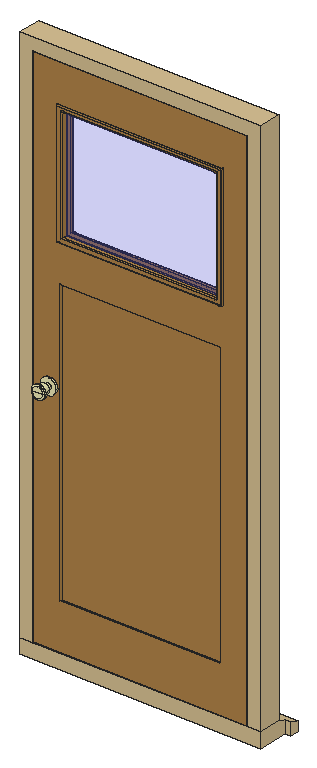
Revit family "DAL_A3-ExtSgl-(21)", category Doors, host Wall, Revit 2016
Family settings
  Host = Wall
  Always vertical = Yes
  Cut with Voids When Loaded = No
  Shared = No
  Room Calculation Point = No
Parameters (values of type "910 x 2110mm")
  Wrap Layers (Ext) from Ext = 102.5 mm
  Wrap Layers (Int) from Ext = 177.5 mm
  Vis - Ironmongery = yes
  Vis - Glazing Leadwork = yes
  Vis - Cavity Closers = yes
  Thickness = Door Panel Thickness  # 44.0 mm
  Stile Top of Lock rail = 1400.0 mm
  Stile Top Rail = 150.0 mm
  Stile Shutting = 100.0 mm
  Stile Lock Rail = 150.0 mm
  Stile Hanging = 100.0 mm
  Stile Bottom Rail = 175.0 mm
  Rough Width = Width  # 910.0 mm
  Rough Height = Height  # 2110.0 mm
  Operation = "SingleSwingRight"
  O/A Frame Width = 64.0 mm
  Material Glass = Door - Glazing
  Keynote = "L20"
  Handle Z Distance = 950.0 mm
  Glazing Thickness = 24.0 mm
  Function = Interior
  FrameWidth = 42.0 mm
  FrameOffset - External = 25.0 mm
  FrameDepth = 89.0 mm
  Door Panel Width = Width - (2 * Structural Tolerance) - (2 * Tolerance) - (2 * FrameWidth)  # 807.0 mm
  Door Panel Thickness = 44.0 mm
  Door Panel Height = Height - Structural Tolerance - Tolerance - FrameWidth - Undercut - Cill Thickness  # 2000.0 mm
  Cill Thickness = 54.5 mm
  Cill Projection = 30.0 mm
  Handle X Distance = 60.0 mm
  Height = 2110.0 mm
  Material Door = Door - Panel
  Material Frame = Door -  Frame/Mullion
  Material Ironmongery = Door - Handle
  Structural Tolerance = 6.5 mm
  Tolerance = 3.0 mm
  Undercut = 4.0 mm
  Wall Closure = By host
  Width = 910.0 mm
  Cill Extension = 25.0 mm
  Cavity Closer Width = 50.0 mm
  Cavity Closer Offset from Ext = 102.5 mm
  Cavity Closer Depth = 85.0 mm
Types (3, lengths in mm): name | Rough Width | Door Panel Width | Width
  910 x 2110mm | 910.0 | 807.0 | 910.0
  810 x 2110mm | 810.0 | 707.0 | 810.0
  1010 x 2110mm | 1010.0 | 907.0 | 1010.0
Reference planes
  plane 1: y = 0
  plane 2 "Center L/R": x = 0
  plane 3 "Left": x = -455
  plane 4 "Right": x = 455
  plane 5 "Head Opening": z = 2110
  plane 6 "Exterior": y = 150
  plane 7 "Interior": y = -150
  plane 8 "ST left": x = -448.5
  plane 9 "ST right": x = 448.5
  plane 10 "Int frame left": x = -406.5
  plane 11 "Int frame right": x = 406.5
  plane 12 "Left T": x = -403.5
  plane 13 "RHS Leaf Edge": x = 403.5
  plane 14: z = 2103.5
  plane 15: z = 2061.5
  plane 16: z = 2058.5
  plane 17: y = 83
  plane 18 "Ironmongery Axis X": x = -343.5
  plane 19 "Ironmongery Axis Z": z = 950
  plane 20 "LHS Leaf Edge": x = -403.5
  plane 21: z = 0
  plane 22: y = 80
  plane 23: y = 125
  plane 24: y = 36
  plane 25 "LHS Cill Extension": x = -480
  plane 26 "RHS Cill Extension": x = 480
  plane 27: y = 180
  plane 28: z = 58.5
  plane 29: z = 54.5
  plane 30 "Front Cavity Closer": y = 47.5
  plane 31: z = 233.5
  plane 32: x = -303.5
  plane 33: z = 1908.5
  plane 34: x = 303.5
  plane 35: z = 1458.5
  plane 36: z = 1308.5
  plane 37: z = 1683.5
  plane 38: y = 47.5
  plane 39: y = -27.5
Forms (mm)
  Sweep 1, solid, material "Door -  Frame/Mullion" <- "Material Frame"
    path origin (0, 125, 0) x (1, 0, 0) y (0, 0, 1)
      loop
        line (448.5, 54.5) -> (448.5, 2103.5) -> (-448.5, 2103.5) -> (-448.5, 54.5)
    profile origin (0, 0, 1079) x (-1, 0, 0) y (0, -1, 0)
      loop
        line (-455, -125) -> (-384.5, -125) -> (-384.5, -83) -> (-406.5, -83) -> (-406.5, -36) -> (-455, -36) -> (-455, -125)
  Extrusion 2, solid, material "Door - Panel" <- "Material Door"
    sketch origin (0, 36, 0) x (1, 0, 0) y (0, 0, 1)
      loop
        line (-404.425, 58.5) -> (403.5, 58.5) -> (403.5, 2058.5) -> (-404.425, 2058.5) -> (-404.425, 58.5)
      loop
        line (303.5, 1458.5) -> (303.5, 1908.5) -> (-303.5, 1908.5) -> (-303.5, 1458.5) -> (303.5, 1458.5)
    from 0 to -44
  Extrusion 3, solid, material "Door -  Frame/Mullion" <- "Material Frame"
    sketch origin (0, 0, 0) x (0, 1, 0) y (0, 0, 1)
      loop
        line (36, 54.5) -> (36, 0) -> (180, 0) -> (180, 38.595) -> (125, 54.5) -> (36, 54.5)
    from -480 to 480
  Extrusion 4, void
    sketch origin (0, 0, 0) x (0, 1, 0) y (1, 0, 0)
      loop
        line (150, -490) -> (150, -455) -> (36, -455) -> (36, -490) -> (150, -490)
    from 0 to -54.5
  Extrusion 5, void
    sketch origin (0, 0, 0) x (0, 1, 0) y (1, 0, 0)
      loop
        line (150, 455) -> (150, 490) -> (36, 490) -> (36, 455) -> (150, 455)
    from 0 to -54.5
  Extrusion 6, solid, material "Door - Glazing" <- "Material Glass"
    sketch origin (403.5, 80, 58.5) x (0, 0, -1) y (-1, 0, 0)
      loop
        line (-1400, 100) -> (-1400, 707) -> (-1850, 707) -> (-1850, 100) -> (-1400, 100)
    from -10 to -34
  Sweep 7, solid, material "Door - Panel" <- "Material Door", detail levels medium+fine
    path origin (403.5, 80, 58.5) x (0, 0, -1) y (-1, 0, 0)
      loop
        line (-1400, 100) -> (-1400, 707) -> (-1850, 707) -> (-1850, 100) -> (-1400, 100)
    profile "UK_Glazing Bead : UK_Glazing Bead" origin (-303.5, 80, 1683.5) x (1, 0, 0) y (0, 1, 0)
      loop
        line (0, 0) -> (0, -10) -> (12, -10) -> (12, 1)
        arc (12, 1) -> (10.536, 4.536) -> (7, 6) r 5
        line (7, 6) -> (-6, 6)
        arc (-6, 6) -> (-7.414, 5.414) -> (-8, 4) r 2
        line (-8, 4) -> (-8, 0) -> (0, 0)
  Sweep 8, solid, material "Door - Panel" <- "Material Door", detail levels medium+fine
    path origin (403.5, 36, 58.5) x (0, 0, 1) y (-1, 0, 0)
      loop
        line (1400, 707) -> (1400, 100) -> (1850, 100) -> (1850, 707) -> (1400, 707)
    profile "UK_Glazing Bead : UK_Glazing Bead" origin (-303.5, 36, 1683.5) x (1, 0, 0) y (0, -1, 0)
      loop
        line (0, 0) -> (0, -10) -> (12, -10) -> (12, 1)
        arc (12, 1) -> (10.536, 4.536) -> (7, 6) r 5
        line (7, 6) -> (-6, 6)
        arc (-6, 6) -> (-7.414, 5.414) -> (-8, 4) r 2
        line (-8, 4) -> (-8, 0) -> (0, 0)
  Extrusion 9, void
    sketch origin (0, 80, 0) x (-1, 0, 0) y (0, 0, 1)
      loop
        line (-303.5, 233.5) -> (303.5, 233.5) -> (303.5, 1308.5) -> (-303.5, 1308.5) -> (-303.5, 233.5)
    from -10 to 0
  Extrusion 10, void
    sketch origin (0, 36, 0) x (-1, 0, 0) y (0, 0, 1)
      loop
        line (303.5, 233.5) -> (303.5, 1308.5) -> (-303.5, 1308.5) -> (-303.5, 233.5) -> (303.5, 233.5)
    from 10 to 0
Cuts and joins
  Extrusion 4, Extrusion 5, Extrusion 9, Extrusion 10 cuts Sweep 1
  Extrusion 4, Extrusion 5, Extrusion 9, Extrusion 10 cuts Extrusion 2
  Extrusion 4, Extrusion 5, Extrusion 9, Extrusion 10 cuts Extrusion 3
  Extrusion 9, Extrusion 10 cuts Extrusion 6
  Extrusion 9, Extrusion 10 cuts Sweep 7
  Extrusion 9, Extrusion 10 cuts Sweep 8
Lines and regions (mm)
  Opening 1
    outline origin (-5000, -150, 0) x (1, 0, 0) y (0, 0, 1)
      loop
        line (5455, 2110) -> (4545, 2110) -> (4545, 0) -> (5455, 0) -> (5455, 2110)
  symbolic lines, style "Structural Opening", detail levels medium+fine
    curve 1: line (-455, 0, 0) -> (-455, 0, 2110)
    curve 2: line (-455, 0, 2110) -> (455, 0, 2110)
    curve 3: line (455, 0, 2110) -> (455, 0, 0)
    curve 4: line (-455, 0, 0) -> (455, 0, 0)
  symbolic lines, style "DoorsPanelProjection", detail levels medium+fine
    curve 5: line (403.5, 36, 0) -> (359.5, 36, 0)
    curve 7: line (359.5, -771, 0) -> (403.5, -771, 0)
    curve 8: line (359.5, 36, 0) -> (359.5, -771, 0)
  symbolic lines, style "DoorsPanelProjection"
    curve 6: line (403.5, -771, 0) -> (403.5, 36, 0)
  symbolic lines, style "Plan Swing"
    curve 9: arc (403.5, -771, 0) -> (-167.135, -534.635, 0) -> (-403.5, 36, 0) r 807
  symbolic lines, style "Threshold", detail levels medium+fine
    curve 10: line (-480, 150, 0) -> (-480, 180, 0)
    curve 11: line (-480, 180, 0) -> (480, 180, 0)
    curve 12: line (480, 180, 0) -> (480, 150, 0)
    curve 13: line (403.5, 36, 0) -> (-403.5, 36, 0)
  symbolic lines, style "Cavity Closer", visible <- "Vis - Cavity Closers", detail levels medium+fine
    curve 14: line (-505, -37.5, 0) -> (-455, -37.5, 0)
    curve 15: line (-505, 47.5, 0) -> (-505, -37.5, 0)
    curve 16: line (-455, 47.5, 0) -> (-505, 47.5, 0)
    curve 17: line (-455, -37.5, 0) -> (-455, 47.5, 0)
    curve 18: line (455, -37.5, 0) -> (505, -37.5, 0)
    curve 19: line (455, 47.5, 0) -> (455, -37.5, 0)
    curve 20: line (505, 47.5, 0) -> (455, 47.5, 0)
    curve 21: line (505, -37.5, 0) -> (505, 47.5, 0)
    curve 22: line (-505, -37.5, 0) -> (-455, 47.5, 0)
    curve 23: line (-505, 47.5, 0) -> (-455, -37.5, 0)
    curve 24: line (455, -37.5, 0) -> (505, 47.5, 0)
    curve 25: line (455, 47.5, 0) -> (505, -37.5, 0)
  symbolic lines, style "DoorsFrameMullionProjection", detail levels coarse
    curve 26: line (303.5, 0, 233.5) -> (303.5, 0, 1308.5)
    curve 27: line (-303.5, 0, 233.5) -> (303.5, 0, 233.5)
    curve 28: line (-303.5, 0, 1308.5) -> (-303.5, 0, 233.5)
    curve 29: line (303.5, 0, 1308.5) -> (-303.5, 0, 1308.5)
    curve 30: line (303.5, 0, 1458.5) -> (-303.5, 0, 1458.5)
    curve 31: line (303.5, 0, 1908.5) -> (303.5, 0, 1458.5)
    curve 32: line (-303.5, 0, 1908.5) -> (303.5, 0, 1908.5)
    curve 33: line (-303.5, 0, 1458.5) -> (-303.5, 0, 1908.5)
    curve 34: line (455, 0, 58.5) -> (-455, 0, 58.5)
    curve 37: line (0, 125, 2110) -> (0, 125, 54.5)
    curve 38: line (0, 36, 54.5) -> (0, 36, 2110)
    curve 39: line (0, 125, 2039.5) -> (0, 83, 2039.5)
    curve 40: line (0, 83, 54.5) -> (0, 83, 2061.5)
    curve 41: line (0, 83, 2061.5) -> (0, 36, 2061.5)
  symbolic lines, style "Elevation Swing"
    curve 35: line (-384.5, 0, 2039.5) -> (403.5, 0, 1055)
    curve 36: line (-384.5, 0, 58.5) -> (403.5, 0, 1055)
  symbolic lines, style "DoorsPanelProjection", detail levels coarse
    curve 42: line (0, 80, 2058.5) -> (0, 80, 58.5)
    curve 43: line (0, 36, 2058.5) -> (0, 80, 2058.5)
    curve 44: line (0, 80, 58.5) -> (0, 36, 58.5)
  symbolic lines, style "Threshold", detail levels coarse
    curve 45: line (0, 180, 38.595) -> (0, 180, 0)
    curve 46: line (0, 125, 54.5) -> (0, 180, 38.595)
    curve 47: line (0, 36, 0) -> (0, 36, 54.5)
    curve 48: line (0, 36, 54.5) -> (0, 125, 54.5)
  model lines, style "DoorsGlassProjection", visible <- "Vis - Glazing Leadwork"
    curve 49: line (238.5, 70, 1896.5) -> (238.5, 70, 1470.5)
    curve 50: line (-238.5, 70, 1896.5) -> (-238.5, 70, 1470.5)
    curve 51: line (291.5, 70, 1843.5) -> (-303.5, 70, 1843.5)
    curve 52: line (291.5, 70, 1523.5) -> (-303.5, 70, 1523.5)
    curve 53: spline (238.5, 70, 1683.5) -> (230.373, 70, 1642.089) -> (206.547, 70, 1603.5) -> (168.645, 70, 1570.363) -> (119.25, 70, 1544.936) -> (61.728, 70, 1528.952) -> (0, 70, 1523.5) -> (-61.728, 70, 1528.952) -> (-119.25, 70, 1544.936) -> (-168.645, 70, 1570.363) -> (-206.547, 70, 1603.5) -> (-230.373, 70, 1642.089) -> (-238.5, 70, 1683.5)
    curve 54: spline (238.5, 70, 1683.5) -> (230.373, 70, 1724.911) -> (206.547, 70, 1763.5) -> (168.645, 70, 1796.637) -> (119.25, 70, 1822.064) -> (61.728, 70, 1838.048) -> (0, 70, 1843.5) -> (-61.728, 70, 1838.048) -> (-119.25, 70, 1822.064) -> (-168.645, 70, 1796.637) -> (-206.547, 70, 1763.5) -> (-230.373, 70, 1724.911) -> (-238.5, 70, 1683.5)
Text (mm)
  text "Exterior" at (-1796.445, 976.134, 0), in view "Ref. Level"
  text "Exterior" at (0, 1615.38, 2893.938), in view "Left"
  text "Exterior" at (0, 1036.032, 3874.932), in view "Right"
Dimensions and locks
  equal spacing: plane 3 "Left", plane 2 "Center L/R", plane 4 "Right"
  "Width": plane 3 "Left" to plane 4 "Right"
  "Height": level to plane 5 "Head Opening"
  locked: plane 6 "Exterior" to host wall at 0
  locked: plane 7 "Interior" to host wall
  "Structural Tolerance": plane 3 "Left" to plane 8 "ST left"
  "Structural Tolerance": plane 9 "ST right" to plane 4 "Right"
  "Tolerance": plane 13 "RHS Leaf Edge" to plane 11 "Int frame right"
  "Structural Tolerance": plane 5 "Head Opening" to plane 14
  "Tolerance": plane 15 to plane 16
  "Door Panel Thickness": plane 24 to plane 22
  "Handle X Distance": plane 12 "Left T" to plane 18 "Ironmongery Axis X"
  "Tolerance": plane 10 "Int frame left" to plane 20 "LHS Leaf Edge"
  "Door Panel Width": plane 12 "Left T" to plane 13 "RHS Leaf Edge"
  "Tolerance": plane 22 to plane 17
  "FrameDepth": plane 24 to plane 23
  "FrameWidth": plane 8 "ST left" to plane 10 "Int frame left"
  "FrameWidth": plane 11 "Int frame right" to plane 9 "ST right"
  "Door Panel Thickness": curve 8 to plane 13 "RHS Leaf Edge"
  "O/A Frame Width": Sweep 1 sketch curve to plane 9 "ST right"
  "Door Panel Width": curve 7 to plane 24
  "FrameOffset - External": plane 23 to plane 6 "Exterior"
  "Cill Extension": plane 25 "LHS Cill Extension" to plane 3 "Left"
  "Cill Projection": plane 6 "Exterior" to plane 27
  "Cill Extension": plane 4 "Right" to plane 26 "RHS Cill Extension"
  "Undercut": plane 29 to plane 28
  "FrameWidth": plane 14 to plane 15
  "Cill Thickness": plane 29 to plane 21
  locked: Extrusion 4 sketch curve to plane 25 "LHS Cill Extension" at 10
  locked: plane 26 "RHS Cill Extension" to Extrusion 5 sketch curve at 10
  "Handle Z Distance": level to plane 19 "Ironmongery Axis Z"
  "Cavity Closer Offset from Ext": plane 30 "Front Cavity Closer" to plane 6 "Exterior"
  "Cavity Closer Depth": curve 14 to plane 30 "Front Cavity Closer"
  "Cavity Closer Depth": curve 18 to plane 30 "Front Cavity Closer"
  "Cavity Closer Width": curve 15 to plane 3 "Left"
  "Cavity Closer Width": plane 4 "Right" to curve 21
  "Cavity Closer Offset from Ext": nested 4 to plane 6 "Exterior"
  "Stile Hanging": plane 34 to plane 13 "RHS Leaf Edge"
  "Stile Shutting": plane 20 "LHS Leaf Edge" to plane 32
  "Stile Bottom Rail": plane 28 to plane 31
  "Stile Lock Rail": plane 36 to plane 35
  "Stile Top Rail": plane 33 to plane 16
  "Stile Top of Lock rail": plane 28 to plane 35
  Extrusion 6 to Extrusion 6 = 24.0 mm
  "Glazing Thickness": Extrusion 6 to Extrusion 6
  equal spacing: level, curve 36, plane 5 "Head Opening"
  locked: cut or joined group of Extrusion 2, Extrusion 4, Extrusion 5, Extrusion 9, Extrusion 10 to cut or joined group of Extrusion 2, Extrusion 4, Extrusion 5, Extrusion 9, Extrusion 10 at 10  (x2)
  equal spacing: plane 35, plane 37, plane 33
  locked: curve 52 to curve 53 at 0
  locked: curve 51 to curve 54 at 0
  "Wrap Layers (Ext) from Ext": plane 38 to plane 6 "Exterior"
  "Wrap Layers (Int) from Ext": plane 39 to plane 6 "Exterior"
  aligned and locked: plane 1 to host wall
  aligned and locked: plane 9 "ST right" to Sweep 1 sketch curve
  aligned and locked: plane 14 to Sweep 1 sketch curve
  aligned and locked: profile plane to plane 9 "ST right"
  aligned and locked: Sweep 1 sketch curve to plane 4 "Right"
  aligned and locked: Sweep 1 sketch curve to plane 17
  aligned and locked: plane 11 "Int frame right" to Sweep 1 sketch curve
  aligned and locked: plane 24 to Sweep 1 sketch curve
  aligned and locked: Sweep 1 sketch curve to plane 23
  aligned and locked: plane 16 to Extrusion 2 sketch curve
  aligned and locked: Extrusion 2 to plane 22
  aligned and locked: curve 5 to plane 24
  aligned and locked: Extrusion 3 to plane 26 "RHS Cill Extension"
  aligned and locked: Extrusion 3 to plane 25 "LHS Cill Extension"
  aligned and locked: plane 29 to Extrusion 3
  aligned and locked: Sweep 1 to Extrusion 3 sketch curve
  aligned and locked: plane 29 to Sweep 1 sketch curve  (x2)
  aligned and locked: plane 28 to Extrusion 2
  aligned and locked: plane 29 to Extrusion 4
  aligned and locked: plane 24 to Extrusion 5 sketch curve
  aligned and locked: plane 29 to Extrusion 5
  aligned and locked: plane 25 "LHS Cill Extension" to curve 10
  aligned and locked: plane 27 to curve 11
  aligned and locked: curve 12 to plane 26 "RHS Cill Extension"
  aligned and locked: nested 1 to plane 18 "Ironmongery Axis X"
  aligned and locked: plane 19 "Ironmongery Axis Z" to nested 1
  aligned and locked: nested 1 to cut or joined group of Extrusion 2, Extrusion 4, Extrusion 5, Extrusion 9, Extrusion 10
  aligned and locked: plane 18 "Ironmongery Axis X" to nested 2
  aligned and locked: cut or joined group of Extrusion 2, Extrusion 4, Extrusion 5, Extrusion 9, Extrusion 10 to nested 2
  aligned and locked: nested 2 to plane 19 "Ironmongery Axis Z"
  aligned and locked: plane 3 "Left" to nested 3
  aligned and locked: plane 30 "Front Cavity Closer" to nested 3
  aligned and locked: nested 4 to plane 4 "Right"
  aligned and locked: plane 30 "Front Cavity Closer" to nested 4
  aligned and locked: plane 28 to curve 34
  aligned and locked: curve 37 to cut or joined group of Sweep 1, Extrusion 4, Extrusion 5, Extrusion 9, Extrusion 10
  aligned and locked: curve 38 to cut or joined group of Sweep 1, Extrusion 4, Extrusion 5, Extrusion 9, Extrusion 10
  aligned and locked: curve 39 to cut or joined group of Sweep 1, Extrusion 4, Extrusion 5, Extrusion 9, Extrusion 10
  aligned and locked: curve 40 to cut or joined group of Sweep 1, Extrusion 4, Extrusion 5, Extrusion 9, Extrusion 10
  aligned and locked: curve 41 to cut or joined group of Sweep 1, Extrusion 4, Extrusion 5, Extrusion 9, Extrusion 10
  aligned and locked: curve 42 to cut or joined group of Extrusion 2, Extrusion 4, Extrusion 5, Extrusion 9, Extrusion 10
  aligned and locked: curve 43 to cut or joined group of Extrusion 2, Extrusion 4, Extrusion 5, Extrusion 9, Extrusion 10
  aligned and locked: curve 44 to cut or joined group of Extrusion 2, Extrusion 4, Extrusion 5, Extrusion 9, Extrusion 10
  aligned and locked: curve 45 to cut or joined group of Extrusion 3, Extrusion 4, Extrusion 5, Extrusion 9, Extrusion 10
  aligned and locked: curve 46 to cut or joined group of Extrusion 3, Extrusion 4, Extrusion 5, Extrusion 9, Extrusion 10
  aligned and locked: curve 47 to cut or joined group of Extrusion 3, Extrusion 4, Extrusion 5, Extrusion 9, Extrusion 10
  aligned and locked: curve 48 to cut or joined group of Extrusion 3, Extrusion 4, Extrusion 5, Extrusion 9, Extrusion 10
  aligned and locked: Extrusion 9 to plane 22
  aligned and locked: plane 24 to Extrusion 10
  aligned and locked: curve 49 to cut or joined group of Sweep 8, Extrusion 9, Extrusion 10  (x2)
  aligned and locked: curve 51 to cut or joined group of Sweep 8, Extrusion 9, Extrusion 10
  aligned and locked: plane 32 to curve 51
  aligned and locked: curve 26 to plane 34
  aligned and locked: curve 28 to plane 32
Automatic sketch dimensions
  Extrusion 3 sketch curve to plane 24 = 0.0 mm
  Extrusion 3 sketch curve to plane 27 = 0.0 mm
  Extrusion 3 sketch curve to level = 0.0 mm
  Extrusion 3 sketch curve to plane 29 = 0.0 mm
  Extrusion 3 sketch curve to plane 29 = 15.905 mm
  Sweep 1 sketch curve to plane 8 "ST left" = 0.0 mm
  Extrusion 4 sketch curve to plane 24 = 0.0 mm
  Extrusion 4 sketch curve to host wall = 0.0 mm
  Extrusion 4 sketch curve to plane 3 "Left" = 0.0 mm
  Extrusion 5 sketch curve to host wall = 0.0 mm
  curve 15 to plane 30 "Front Cavity Closer" = 0.0 mm
  curve 22 to plane 3 "Left" = 0.0 mm
  curve 9 to plane 12 "Left T" = 0.0 mm
  curve 25 to plane 4 "Right" = 0.0 mm
  curve 25 to plane 30 "Front Cavity Closer" = 0.0 mm
  curve 12 to host wall = 0.0 mm
  curve 10 to host wall = 0.0 mm
  Extrusion 5 sketch curve to plane 4 "Right" = 0.0 mm
  Extrusion 2 sketch curve to plane 28 = 0.0 mm
  Extrusion 2 sketch curve to plane 32 = 0.0 mm
  Extrusion 2 sketch curve to plane 33 = 0.0 mm
  Extrusion 2 sketch curve to plane 34 = 0.0 mm
  Extrusion 2 sketch curve to plane 13 "RHS Leaf Edge" = 0.0 mm
  Extrusion 2 sketch curve to plane 35 = 0.0 mm
  plane 12 "Left T" to Extrusion 2 sketch curve = 0.925 mm
  Extrusion 6 sketch curve to plane 33 = 0.0 mm
  Extrusion 6 sketch curve to plane 34 = 0.0 mm
  Extrusion 6 sketch curve to plane 35 = 0.0 mm
  Extrusion 6 sketch curve to plane 32 = 0.0 mm
  Sweep 7 sketch curve to plane 33 = 0.0 mm
  Sweep 7 sketch curve to plane 34 = 0.0 mm
  Sweep 7 sketch curve to plane 35 = 0.0 mm
  Sweep 7 sketch curve to plane 32 = 0.0 mm
  Sweep 8 sketch curve to plane 34 = 0.0 mm
  Sweep 8 sketch curve to plane 35 = 0.0 mm
  Sweep 8 sketch curve to plane 32 = 0.0 mm
  Sweep 8 sketch curve to plane 33 = 0.0 mm
  curve 37 to plane 5 "Head Opening" = 0.0 mm
  curve 38 to plane 5 "Head Opening" = 0.0 mm
  curve 45 to level = 0.0 mm
  curve 47 to level = 0.0 mm
  Extrusion 9 sketch curve to plane 34 = 0.0 mm
  Extrusion 9 sketch curve to plane 32 = 0.0 mm
  Extrusion 9 sketch curve to plane 31 = 0.0 mm
  Extrusion 9 sketch curve to plane 36 = 0.0 mm
  Extrusion 10 sketch curve to plane 31 = 0.0 mm
  Extrusion 10 sketch curve to plane 34 = 0.0 mm
  Extrusion 10 sketch curve to plane 32 = 0.0 mm
  Extrusion 10 sketch curve to plane 36 = 0.0 mm
  curve 1 to plane 3 "Left" = 0.0 mm
  curve 1 to plane 5 "Head Opening" = 0.0 mm
  curve 33 to plane 32 = 0.0 mm
  curve 33 to plane 33 = 0.0 mm
  curve 52 to plane 32 = 0.0 mm
  curve 29 to plane 36 = 0.0 mm
  curve 28 to plane 31 = 0.0 mm
  curve 4 to level = 0.0 mm
  curve 34 to plane 3 "Left" = 0.0 mm
  curve 32 to plane 34 = 0.0 mm
  curve 35 to plane 13 "RHS Leaf Edge" = 0.0 mm
  curve 2 to plane 4 "Right" = 0.0 mm
  curve 34 to plane 4 "Right" = 0.0 mm
  plane 16 to curve 35 = 19.0 mm
  curve 50 to plane 33 = 12.0 mm
  curve 51 to plane 33 = 65.0 mm
  plane 35 to curve 52 = 65.0 mm
  plane 35 to curve 50 = 12.0 mm
  curve 35 to plane 12 "Left T" = 19.0 mm
  curve 36 to plane 12 "Left T" = 19.0 mm
  curve 52 to plane 34 = 12.0 mm
  curve 53 to plane 37 = 0.0 mm
  curve 33 to plane 35 = 0.0 mm
  curve 53 to plane 2 "Center L/R" = 0.0 mm
  curve 53 to plane 32 = 65.0 mm
  curve 54 to plane 37 = 0.0 mm
  Opening 1 sketch curve to plane 3 "Left" = 0.0 mm
  Opening 1 sketch curve to level = 0.0 mm
  Opening 1 sketch curve to plane 4 "Right" = 0.0 mm
  Opening 1 sketch curve to plane 5 "Head Opening" = 0.0 mm
Nested families
  nested 1: "Handle Domestic (2)" at (-403.5, 80, 0), visible <- "Vis - Ironmongery", type "Handle Domestic (2)", detail levels medium+fine
    with Handle Z Distance 950.0 mm, Handle X Distance 60.0 mm
  nested 2: "Handle Domestic (2)" at (-403.5, 36, 0), visible <- "Vis - Ironmongery", type "Handle Domestic (2)", detail levels medium+fine
    with Handle Z Distance 950.0 mm, Handle X Distance 60.0 mm
  nested 3: "UK_Cavity Closer" at (-505, 47.5, 0), visible <- "Vis - Cavity Closers", type "UK_Cavity Closer", detail levels medium+fine
    with Closer Depth 85.0 mm
  nested 4: "UK_Cavity Closer" at (455, 47.5, 0), visible <- "Vis - Cavity Closers", type "UK_Cavity Closer", detail levels medium+fine
    with Closer Depth 85.0 mm
Definition of nested family "Handle Domestic (2)"
  Parameters
    Manufacturer = "Revit"
    Material Ironmongery = none
    Handle Z Distance = 0.0 mm
    Handle X Distance = 65.0 mm
  Reference planes
    plane 1 "Center (Front/Back)": y = 0
    plane 2: z = 0
    plane 3 "Center (Left/Right)": x = 0
    plane 4: z = 0
    plane 5: x = 65
  Forms (mm)
    Extrusion 1, solid, material <- "Material Ironmongery"
      sketch origin (0, 0, 0) x (1, 0, 0) y (0, 0, 1)
        loop
          circle (65, 0) r 30
      from 0 to -6
    Revolve 2, solid, material <- "Material Ironmongery"
      sketch origin (0, 0, 0) x (0, -1, 0) y (1, 0, 0)
        loop
          line (-25, 55) -> (-6, 55) -> (-6, 65) -> (-55, 65) -> (-55, 44.524) -> (-53.172, 40) -> (-49.708, 40) -> (-25, 46.364) -> (-25, 55)
        axis (-6, 65) -> (-55, 65)
      angle from 0 to 360
  Dimensions and locks
    "Handle Z Distance": plane 4 to level
    "Handle X Distance": plane 5 to plane 3 "Center (Left/Right)"
  Automatic sketch dimensions
    Extrusion 1 sketch curve to plane 4 = 0.0 mm
    Extrusion 1 sketch curve to plane 5 = 0.0 mm
    Revolve 2 sketch curve to plane 5 = 0.0 mm  (x2)
    Revolve 2 sketch curve to plane 1 "Center (Front/Back)" = 66.0 mm
    Revolve 2 sketch curve to Revolve 2 sketch curve = 11.0 mm
    Revolve 2 sketch curve to Revolve 2 sketch curve = 1.828 mm
    Revolve 2 sketch curve to Revolve 2 sketch curve = 3.464 mm
    Revolve 2 sketch curve to plane 1 "Center (Front/Back)" = 25.0 mm
    Revolve 2 sketch curve to plane 1 "Center (Front/Back)" = 6.0 mm
    Revolve 2 sketch curve to Revolve 2 sketch curve = 0.0 mm
    Revolve 2 sketch curve to Revolve 2 sketch curve = 10.0 mm
    Revolve 2 sketch curve to Revolve 2 sketch curve = 8.636 mm
    Revolve 2 sketch curve to Revolve 2 sketch curve = 20.476 mm
    Revolve 2 sketch curve to Revolve 2 sketch curve = 4.524 mm
    radius of Extrusion 1 sketch curve = 30.0 mm
Definition of nested family "UK_Cavity Closer"
  Parameters
    Closer Width = 50.0 mm
    Closer Depth = 75.0 mm
  Reference planes
    plane 1 "Center (Front/Back)": y = 0
    plane 2: z = 0
    plane 3 "Center (Left/Right)": x = 0
    plane 4: x = 50, in view "Ref. Level"
    plane 5: y = -75, in view "Ref. Level"
  Lines and regions (mm)
    Masking region 1, in view "Ref. Level"
      outline origin (0, 0, 0) x (1, 0, 0) y (0, 1, 0)
        loop
          line (0, 0) -> (0, -75) -> (50, -75) -> (50, 0) -> (0, 0)
  Dimensions and locks
    "Closer Width": plane 3 "Center (Left/Right)" to plane 4
    "Closer Depth": plane 5 to plane 1 "Center (Front/Back)"
  Automatic sketch dimensions
    Masking region 1 sketch curve to plane 3 "Center (Left/Right)" = 0.0 mm
    Masking region 1 sketch curve to plane 4 = 0.0 mm
    Masking region 1 sketch curve to plane 5 = 0.0 mm
    Masking region 1 sketch curve to plane 1 "Center (Front/Back)" = 0.0 mm
